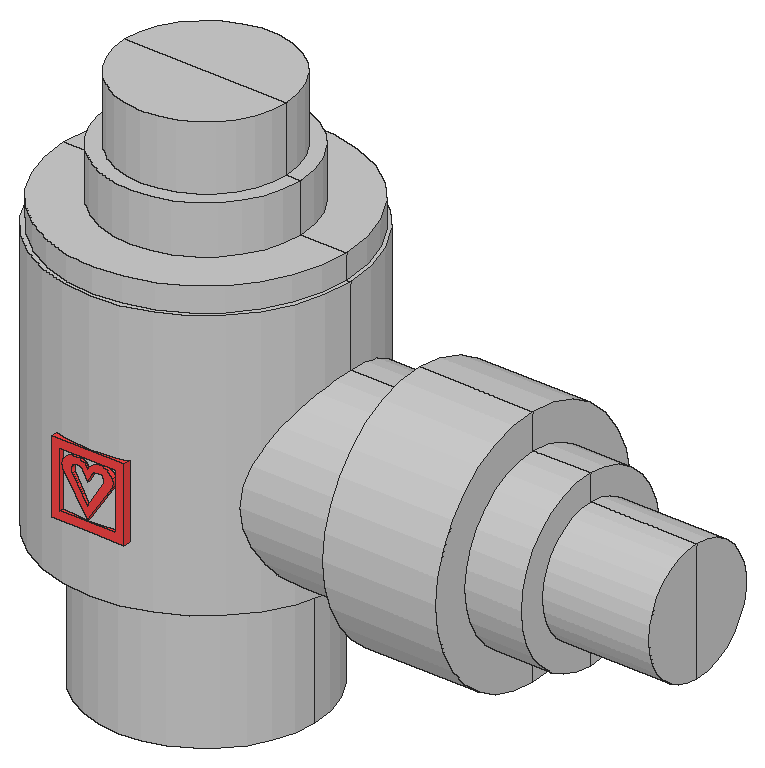
Revit family "Клапан для отключения радиатора с высокой пропускной способностью HERZ-RL-1-E, угловой 3724", category Rohrzubehör, Revit 2021
Family settings
  Bemaßung runder Anschluss = Durchmesser verwenden
  Teiletyp = Unterbricht
  OmniClass-Nummer = 23.65.55.14
  OmniClass-Titel = Valves for Liquid Services
  Arbeitsebenenbasiert = Nein
  Immer vertikal = Nein
  Beim Laden mit Abzugskörper schneiden = Nein
  Gemeinsam genutzt = Nein
Parameters
  Среда = "Качество воды в соответствии с ÖNORM H 5195 или директивой VDI 2035."
  Область применения = "Система водяного отопления. С помощью установки радиаторных запорных клапанов возможно осуществить перекрытие обратного потока нагревательных приборов. При одновременном перекрытии с клапаном на подающем трубопроводе возможен демонтаж радиатора в системе, которая находится под давлением."
  Номер заказа [instance] = size_lookup("3724_1E_", "Artnr", 0, Nennweite)  # 1372401
  Макс. рабочее давление = 1000000.0 Pa  # constant formula
  Макс. рабочая температура = 120 °C  # constant formula
  Корпус = "Никелированная латунь"  # constant formula
  Исполнение = "Стандартные модели с резьбовой муфтой в никелированном исполнении."
  W01 = 120.00°  # constant formula
  Vorgabe-Ansicht = 0.000 mm
  URL = "www.herz-armaturen.ru"
  SCRNSEQ = "ARM;ARM_TYP=\"ALLF\";2"
  SCRNCODE = "05;01;02"  # constant formula
  S04 = 45.000 mm  # constant formula
  S03 [instance] = H02 - 5.000 mm + 41.000 mm  # 57.500 mm
  S02 [instance] = L04 + L03 - L02  # 26.800 mm
  S01 = 10.000 mm  # constant formula
  R04 = 10.000 mm  # constant formula
  R03 = 11.750 mm  # constant formula
  R02 = 17.500 mm  # constant formula
  Nennweite [instance] = 15.000 mm
  LO1 [instance] = R01 - 0.500 mm  # 17.500 mm
  L05 = 19.500 mm  # constant formula
  L04 [instance] = size_lookup("3724_1E_", "L4", 1.000 mm, Nennweite)  # 20.300 mm
  L03 [instance] = size_lookup("3724_1E_", "L3", 1.000 mm, Nennweite)  # 14.000 mm
  L02 [instance] = size_lookup("3724_1E_", "L2", 1.000 mm, Nennweite)  # 7.500 mm
  L01 [instance] = size_lookup("3724_1E_", "L1", 1.000 mm, Nennweite)  # 34.000 mm
  Hersteller = "HERZ Armaturen Ges.m.b.H."  # constant formula
  H06 = 14.000 mm  # constant formula
  H05 = 8.000 mm  # constant formula
  H04 = 17.000 mm  # constant formula
  H03 [instance] = H01 - D03  # 17.250 mm
  H02 [instance] = size_lookup("3724_1E_", "H2", 1.000 mm, Nennweite) - 5.000 mm  # 21.500 mm
  H01 [instance] = size_lookup("3724_1E_", "H1", 1.000 mm, Nennweite)  # 29.000 mm
  GT1 [instance] = size_lookup("3724_1E_", "GT1", 1.000 mm, Nennweite)  # 13.200 mm
  GT [instance] = size_lookup("3724_1E_", "GT", 1.000 mm, Nennweite)  # 12.300 mm
  G2 [instance] = Nennweite / 2  # 7.500 mm
  G1 [instance] = Nennweite / 2  # 7.500 mm
  R01 = 18.000 mm  # constant formula
  D05 [instance] = size_lookup("3724_1E_", "D5", 1.000 mm, Nennweite)  # 10.650 mm
  D04 [instance] = size_lookup("3724_1E_", "D4", 1.000 mm, Nennweite)  # 15.000 mm
  D03 [instance] = size_lookup("3724_1E_", "D3", 1.000 mm, Nennweite)  # 11.750 mm
  D02 [instance] = size_lookup("3724_1E_", "D2", 1.000 mm, Nennweite)  # 9.525 mm
  D01 [instance] = size_lookup("3724_1E_", "D1", 1.000 mm, Nennweite)  # 13.500 mm
Reference planes
  plane 1 "Mitte (Vorne/hinten)": y = 0
  plane 2: z = 0
  plane 3 "Mitte (Links/rechts)": x = 0
Forms (mm)
  Revolve 1, solid, material "Messing, weicher Gelbton, geschweißt", detail levels fine
    sketch origin (0, 0, 0) x (1, 0, 0) y (0, 0, 1)
      loop
        line (0, 21.5) -> (-18, 21.5) -> (-18, -11.75) -> (-13.5, -11.75) -> (-13.5, -29) -> (-7.5, -29) -> (-7.5, -16.7) -> (0, -16.7) -> (0, 21.5)
      axis (0, 21.5) -> (0, -29)
    angle from 0 to 360
  Revolve 2, solid, material "Messing, weicher Gelbton, geschweißt", detail levels fine
    sketch origin (0, 0, 0) x (1, 0, 0) y (0, 0, 1)
      loop
        line (34, 0) -> (34, 9.525) -> (26.5, 9.525) -> (26.5, 11.75) -> (0, 11.75) -> (0, 0) -> (34, 0)
      axis (0, 0) -> (34, 0)
    angle from 0 to 360
  Revolve 3, solid, material "Messing, weicher Gelbton, geschweißt", detail levels fine
    sketch origin (-1, 0, 0) x (1, 0, 0) y (0, 0, 1)
      loop
        line (35, 0) -> (61.8, 0) -> (61.8, 7.5) -> (48.6, 7.5) -> (48.6, 10.65) -> (41.5, 10.65) -> (41.5, 15) -> (27.5, 15) -> (27.5, 9.525) -> (35, 9.525) -> (35, 0)
      axis (27.5, 0) -> (61.8, 0)
    angle from 0 to 360
  Revolve 4, solid, material "Messing, weicher Gelbton, geschweißt", detail levels fine
    sketch origin (0, 0, 0) x (1, 0, 0) y (0, 0, 1)
      loop
        line (0, 21.5) -> (0, 38.5) -> (-10, 38.5) -> (-10, 30.5) -> (-11.75, 30.5) -> (-11.75, 24.5) -> (-17.5, 24.5) -> (-17.5, 21.5) -> (0, 21.5)
      axis (0, 38.5) -> (0, 21.5)
    angle from 0 to 360
Lines and regions (mm)
  model lines, detail levels coarse+medium
    curve 1: line (0, 0, 0) -> (13.5, 0, -29)
    curve 2: line (13.5, 0, -29) -> (-13.5, 0, -29)
    curve 3: line (-13.5, 0, -29) -> (0, 0, 0)
    curve 4: line (0, 0, 0) -> (34, 0, 15)
    curve 5: line (34, 0, 15) -> (34, 0, -15)
    curve 6: line (34, 0, -15) -> (0, 0, 0)
    curve 7: line (34, 0, 15) -> (44, 0, 15)
    curve 8: line (44, 0, 15) -> (34, 0, 0)
    curve 9: line (34, 0, -15) -> (44, 0, -15)
    curve 10: line (44, 0, -15) -> (34, 0, 0)
    curve 11: line (34, 0, 0) -> (60.8, 0, 0)
    curve 12: line (0, 0, 0) -> (13.5, -29, 0)
    curve 13: line (13.5, -29, 0) -> (-13.5, -29, 0)
    curve 14: line (-13.5, -29, 0) -> (0, 0, 0)
    curve 15: line (0, 0, 0) -> (34, 15, 0)
    curve 16: line (34, 15, 0) -> (34, -15, 0)
    curve 17: line (34, -15, 0) -> (0, 0, 0)
    curve 18: line (34, 15, 0) -> (44, 15, 0)
    curve 19: line (44, 15, 0) -> (34, 0, 0)
    curve 20: line (34, -15, 0) -> (44, -15, 0)
    curve 21: line (34, 0, 0) -> (44, -15, 0)
Dimensions and locks
  "H02": Revolve 1 sketch curve to plane 2
  "H01": plane 2 to Revolve 1 sketch curve
  "R01": Revolve 1 sketch curve to Revolve 1 sketch curve
  "G1": Revolve 1 sketch curve to Revolve 1 sketch curve
  "D01": Revolve 1 sketch curve to Revolve 1 sketch curve
  "GT": Revolve 1 sketch curve to Revolve 1 sketch curve
  "H03": Revolve 1 sketch curve to Revolve 1 sketch curve
  "L02": Revolve 2 sketch curve to Revolve 2 sketch curve
  "LO1": nested 1 to plane 1 "Mitte (Vorne/hinten)"
  "L02": Revolve 3 sketch curve to Revolve 3 sketch curve
  "L03": Revolve 3 sketch curve to Revolve 3 sketch curve
  "L04": Revolve 3 sketch curve to Revolve 3 sketch curve
  "D04": Revolve 3 sketch curve to Revolve 3 sketch curve
  "G2": Revolve 3 sketch curve to Revolve 3 sketch curve
  "D05": Revolve 3 sketch curve to Revolve 3 sketch curve
  "GT1": Revolve 3 sketch curve to Revolve 3 sketch curve
  "L01": plane 3 "Mitte (Links/rechts)" to Revolve 3 sketch curve
  "D02": Revolve 3 sketch curve to plane 2
  "H01": plane 2 to curve 2
  "L01": curve 5 to plane 3 "Mitte (Links/rechts)"
  "D01": curve 2 to plane 3 "Mitte (Links/rechts)" to curve 3
  "D04": curve 5 to plane 2 to curve 6
  "S01": curve 5 to curve 8
  "S01": curve 5 to curve 10
  "S02": curve 11 to curve 11
  "H01": curve 13 to plane 1 "Mitte (Vorne/hinten)"
  "D01": curve 14 to plane 3 "Mitte (Links/rechts)" to curve 13
  "L01": plane 3 "Mitte (Links/rechts)" to curve 16
  "D04": curve 17 to plane 1 "Mitte (Vorne/hinten)" to curve 16
  "S01": curve 16 to curve 19
  "S01": curve 16 to curve 21
  "L01": Revolve 2 sketch curve to plane 3 "Mitte (Links/rechts)"
  "D03": Revolve 2 sketch curve to plane 2
  "D02": Revolve 2 sketch curve to plane 2
  "H02": Revolve 4 sketch curve to plane 2
  "H04": Revolve 4 sketch curve to Revolve 4 sketch curve
  "H05": Revolve 4 sketch curve to Revolve 4 sketch curve
  "H06": Revolve 4 sketch curve to Revolve 4 sketch curve
  "R04": Revolve 4 sketch curve to Revolve 4 sketch curve
  "R03": Revolve 4 sketch curve to Revolve 4 sketch curve
  "R02": Revolve 4 sketch curve to Revolve 4 sketch curve
  aligned and locked: level to plane 2
Automatic sketch dimensions
  curve 4 to level = 0.000 mm
  curve 4 to plane 3 "Mitte (Links/rechts)" = 0.000 mm
  curve 11 to level = 0.000 mm
  curve 8 to level = 0.000 mm
  plane 1 "Mitte (Vorne/hinten)" to curve 14 = 0.000 mm
  curve 14 to plane 3 "Mitte (Links/rechts)" = 0.000 mm
  plane 1 "Mitte (Vorne/hinten)" to curve 19 = 0.000 mm
  Revolve 1 sketch curve to plane 3 "Mitte (Links/rechts)" = 0.000 mm  (x2)
  Revolve 1 sketch curve to Revolve 1 sketch curve = 345.545 mm
  Revolve 1 sketch curve to Revolve 1 sketch curve = 2189.815 mm
  Revolve 2 sketch curve to level = 0.000 mm  (x2)
  Revolve 2 sketch curve to plane 3 "Mitte (Links/rechts)" = 0.000 mm
  Revolve 2 sketch curve to plane 3 "Mitte (Links/rechts)" = 1506.530 mm
  Revolve 2 sketch curve to Revolve 2 sketch curve = 1815.148 mm
  Revolve 3 sketch curve to level = 0.000 mm  (x2)
  Revolve 3 sketch curve to plane 3 "Mitte (Links/rechts)" = 1507.530 mm
  Revolve 3 sketch curve to Revolve 3 sketch curve = 1789.648 mm
  Revolve 4 sketch curve to plane 3 "Mitte (Links/rechts)" = 0.000 mm  (x2)
  Revolve 4 sketch curve to level = 366.045 mm
  Revolve 4 sketch curve to Revolve 4 sketch curve = 2164.815 mm
Nested families
  nested 1: "Herz-Logo-vorne" at (0, -17.5, 0) x (0, -1, 0) z (0, 0, 1), type "Herz-Logo-vorne", detail levels fine
Connectors
  piping at (0, 0, -16.7), diameter 15, driven by "Nennweite"
    settings: on Revolve 1, index 1, connector inside diameter 609.6 mm, connector length 0.000 mm, flow factor 0, pipe flow 0.0 L/s, pressure drop 0.0 Pa, fitting loss kfactor 0, connector angle 0.00°, fixture units 0, engagement length 0.000 mm, angle of deflection 0.00°, flow configuration 0, flow direction 1, fitting loss method 0, system type 8, joint type 0, gender type 0, connector reference index -1, connector utility 0, adjustable connector no, is connector primary yes, connector description ""
  piping at (60.8, 0, 0), diameter 15, driven by "Nennweite"
    settings: on Revolve 3, index 2, connector inside diameter 609.6 mm, connector length 0.000 mm, flow factor 0, pipe flow 0.0 L/s, pressure drop 0.0 Pa, fitting loss kfactor 0, connector angle 0.00°, fixture units 0, engagement length 0.000 mm, angle of deflection 0.00°, flow configuration 0, flow direction 2, fitting loss method 0, system type 8, joint type 0, gender type 0, connector reference index -1, connector utility 0, adjustable connector no, is connector primary no, connector description ""
Definition of nested family "Herz-Logo-vorne"
  Parameters (values of type "Herz-Logo-vorne")
    Default Elevation = 0.000 mm
  Reference planes
    plane 1 "Mitte (Vorne/hinten)": y = 0
    plane 2: z = 0
    plane 3 "Mitte (Links/rechts)": x = 0
  Forms (mm)
    Extrusion 1, solid
      sketch origin (0.732, -0.018, 0.017) x (0, -1, 0) y (0, 0, 1)
        loop
          line (-0.018, -4.517) -> (4.482, -4.517) -> (4.482, 4.483) -> (-4.518, 4.483) -> (-4.518, -4.517) -> (-0.018, -4.517)
        loop
          line (-0.05, -3.48) -> (3.482, -3.48) -> (3.482, 3.483) -> (-3.518, 3.483) -> (-3.518, -3.48) -> (-0.05, -3.48)
        loop
          arc (-0.018, 2.383) -> (-1.543, 3.287) -> (-3.067, 2.383) r 1.738
          arc (-3.067, 2.383) -> (-3.191, 1.899) -> (-3.067, 1.415) r 1.009
          line (-3.067, 1.415) -> (-0.018, -3.281) -> (3.032, 1.415)
          arc (3.032, 1.415) -> (3.156, 1.899) -> (3.032, 2.383) r 1.009
          arc (3.032, 2.383) -> (1.507, 3.287) -> (-0.018, 2.383) r 1.738
        loop
          arc (1.885, 1.272) -> (2.005, 1.675) -> (1.885, 2.079) r 0.74
          arc (1.885, 2.079) -> (1.265, 2.416) -> (0.644, 2.079) r 0.74
          line (0.644, 2.079) -> (-0.018, 0.97) -> (-0.679, 2.079)
          arc (-0.679, 2.079) -> (-1.3, 2.416) -> (-1.921, 2.079) r 0.74
          arc (-1.921, 2.079) -> (-2.04, 1.675) -> (-1.921, 1.272) r 0.74
          line (-1.921, 1.272) -> (-0.018, -1.658) -> (1.885, 1.272)
      from 0 to 1.5
  Dimensions and locks
    aligned and locked: level to plane 2
